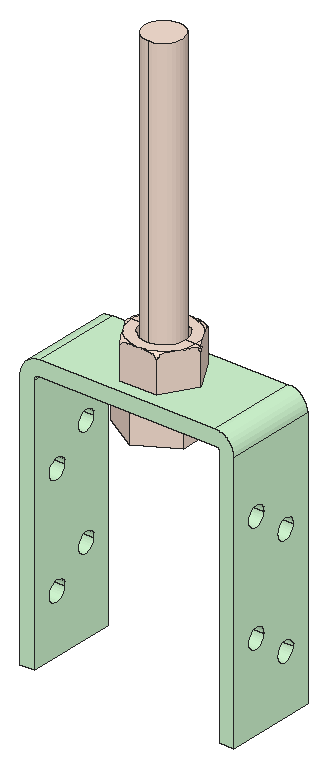
Revit family "キャッチャーボルト40幅", category 機械設備, Revit 2020
Family settings
  丸型コネクタ寸法 = 直径を使用
  種別 = なし
  パーツ タイプ = 標準
  作業面ベース = いいえ
  常に垂直 = はい
  ロード時にボイドで切り取り = いいえ
  共有 = いいえ
  部屋計算ポイント = いいえ
Parameters
  製造元 = "株式会社桐井製作所"
  既定の高さ = 0 mm
  URL = "https://www.kirii.co.jp/"
  K_品名 = "キャッチャーボルト40幅"
  K_名称 = "斜め部材(ブレース)上部取付金具"
  K_バージョン情報 = "20250901"
Reference planes
  plane 1 "中心(正面/背面)": y = 0
  plane 2: z = 0
  plane 3 "中心(左/右)": x = 0
Forms (mm)
  Extrusion 1, solid
    sketch origin (-0.479, 0, -19.861) x (1, 0, 0) y (0, 0, 1)
      loop
        line (23.929, 18.961) -> (23.929, 75.961)
        arc (23.929, 75.961) -> (22.699, 78.931) -> (19.729, 80.161) r 4.2
        line (19.729, 80.161) -> (-18.771, 80.161)
        arc (-18.771, 80.161) -> (-21.741, 78.931) -> (-22.971, 75.961) r 4.2
        line (-22.971, 75.961) -> (-22.971, 18.961) -> (-19.771, 18.961) -> (-19.771, 75.961)
        arc (-19.771, 75.961) -> (-19.478, 76.668) -> (-18.771, 76.961) r 1
        line (-18.771, 76.961) -> (19.729, 76.961)
        arc (19.729, 76.961) -> (20.436, 76.668) -> (20.729, 75.961) r 1
        line (20.729, 75.961) -> (20.729, 18.961) -> (23.929, 18.961)
    from 0 to 20
  Extrusion 2, void
    sketch origin (0, 0, 57.1) x (1, 0, 0) y (0, 1, 0)
      loop
        circle (0, -10) r 5
    from 0 to 3.2
  Extrusion 3, void
    sketch origin (43.7, 0, 0) x (0, 1, 0) y (0, 0, 1)
      loop
        circle (-14, 42) r 2.25
      loop
        circle (-6, 36) r 2.25
      loop
        circle (-14, 18) r 2.25
      loop
        circle (-6, 12) r 2.25
    from -20.25 to -23.45
  Extrusion 4, void
    sketch origin (0, -20, 0) x (0, -1, 0) y (0, 0, -1)
      loop
        circle (-14, -42) r 2.25
      loop
        circle (-6, -36) r 2.25
      loop
        circle (-14, -18) r 2.25
      loop
        circle (-6, -12) r 2.25
    from -20.25 to -23.45
Cuts and joins
  Extrusion 2, Extrusion 3, Extrusion 4 cuts Extrusion 1
Dimensions and locks
  aligned and locked: level to plane 2
Nested families
  nested 1: "ナット" at (0, -10, 60.3) x (-1, 0, 0) z (0, 0, 1), type "ナット"
  nested 2: "M10×70ボルト" at (0, -10, 50.1) x (0, 1, 0) z (-1, 0, 0), type "M10×70ボルト"
Definition of nested family "ナット"
  Parameters (values of type "ナット")
    Default Elevation = 1219.2 mm
  Reference planes
    plane 1 "中心(正面/背面)": y = 0
    plane 2: z = 0
    plane 3 "中心(左/右)": x = 0
  Forms (mm)
    Extrusion 1, solid
      sketch origin (0, 0, 0) x (1, 0, 0) y (0, 1, 0)
        loop
          line (-55, 45) -> (-55, -45.273) -> (55.986, -45.273) -> (55.986, 45) -> (-55, 45)
      from 0 to -304.8
    Revolve 2, solid
      sketch origin (0, 0, 2.36) x (1, 0, 0) y (0, 0, 1)
        loop
          arc (8.083, 4.64) -> (7.781, 5.356) -> (7.057, 5.64) r 1
          line (7.057, 5.64) -> (4.765, 5.64) -> (4.765, -2.36) -> (8.083, -2.36) -> (8.083, 4.64)
        axis (0, 5.64) -> (0, -2.36)
      angle from 0 to 360
    Extrusion 3, void
      sketch origin (0, 0, 0) x (1, 0, 0) y (0, 1, 0)
        loop
          line (8.083, 0) -> (4.041, 7) -> (-4.041, 7) -> (-8.083, 0) -> (-4.041, -7) -> (4.041, -7) -> (8.083, 0)
        loop
          circle (0, 0) r 8.42
      from 0 to 8.277
  Cuts and joins
    Extrusion 3 cuts Revolve 2
  Dimensions and locks
    aligned and locked: plane 2 to Extrusion 1
    aligned and locked: level to Extrusion 1
Definition of nested family "M10×70ボルト"
  Parameters (values of type "M10×70ボルト")
    Manufacturer = "株式会社桐井製作所"
    Default Elevation = 0 mm
    URL = "https://www.kirii.co.jp/"
    K_材料規格 = "M10×L60"
    K_品名 = "M10×60ボルト"
    K_名称 = "M10×60ボルト"
    K_備考 = "KIRIIアングルクランプ付属品"
  Reference planes
    plane 1 "中心(正面/背面)": y = 0
    plane 2: z = 0
    plane 3 "中心(左/右)": x = 0
    plane 4: x = 8
    plane 5: x = -8
    plane 6 "正面": y = -7
    plane 7: z = 8
    plane 8: z = -8
  Forms (mm)
    Extrusion 1, solid
      sketch origin (0, 0, 0) x (1, 0, 0) y (0, 0, 1)
        loop
          line (-4.619, 8) -> (-9.238, 0) -> (-4.619, -8) -> (4.619, -8) -> (9.238, 0) -> (4.619, 8) -> (-4.619, 8)
      from 0 to 7
    Extrusion 2, solid
      sketch origin (0, 0, 25.676) x (1, 0, 0) y (0, 0, 1)
        loop
          circle (0, -25.676) r 4.1
      from 7 to 77
  Cuts and joins
    joined: Extrusion 1, Extrusion 2
  Lines and regions (mm)
    model lines
      curve 1: circle (0, 0, 0) r 8 normal (0, -1, 0)
  Dimensions and locks
    aligned and locked: level to plane 2
